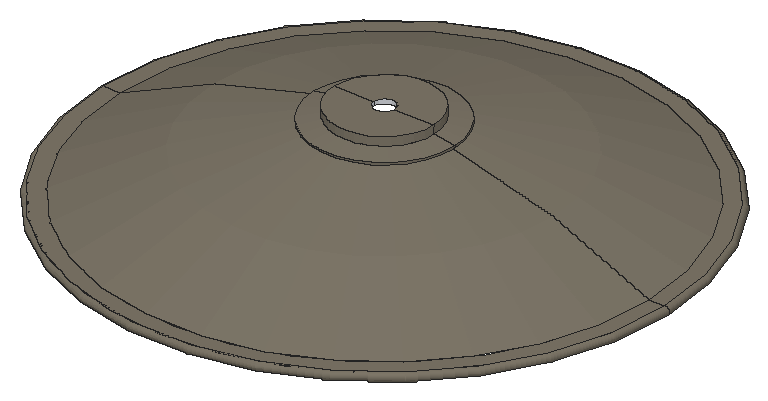
Revit family "JI14 SHADE", category Lighting Fixtures, Revit 2024
Family settings
  Round Connector Dimension = Use Diameter
  Part Type = Normal
  OmniClass Number = 23.80.70.00
  OmniClass Title = Lighting
  Work Plane-Based = No
  Always vertical = Yes
  Cut with Voids When Loaded = No
  Light Source = Yes
  Maintain Annotation Orientation = No
  Shared = No
  Room Calculation Point = No
Parameters
  Wattage = 12.1178 W
  built-in parameter 1150110 = 1 (stored number, unit not read)
  built-in parameter 1114217 = 1 (stored number, unit not read)
  built-in parameter 1150109 = 1 (stored number, unit not read)
  built-in parameter 1150134 = (empty or 0)
  built-in parameter 1150113 = 1 (stored number, unit not read)
  Lumens = 1800 lm
  built-in parameter 1150115 = 1 (stored number, unit not read)
  built-in parameter 1150105 = 572.96 (stored number, unit not read)
  Light Source Symbol Size = 2' - 0"
  built-in parameter 1150137 = (empty or 0)
  built-in parameter 1150139 = (empty or 0)
  built-in parameter 1150112 = 1 (stored number, unit not read)
  built-in parameter 1150114 = 1 (stored number, unit not read)
  built-in parameter 1150132 = 2
  built-in parameter 1150102 = (empty or 0)
  built-in parameter 1150138 = (empty or 0)
  built-in parameter 1150107 = 3000 (stored number, unit not read)
  built-in parameter 1150106 = 5.7296 (stored number, unit not read)
  built-in parameter 1150104 = 13.8 (stored number, unit not read)
  Dimming Lamp Color Temperature Shift = (empty or 0)
  Default Elevation = 0' - 0"
  Color Filter = 16777215
  built-in parameter 1114218 = 1 (stored number, unit not read)
  built-in parameter 1150133 = 10 (stored number, unit not read)
Reference planes (in)
  plane 1 "Light Source Axis (F/B)": y = 0
  plane 2: z = 0
  plane 3 "Light Source Axis (L/R)": x = 0
  plane 4 "Light Source Elevation": z = 84
Forms (in)
  Revolve 1, solid
    sketch origin (0, 0, 0) x (1, 0, 0) y (0, 0, 1)
      loop
        line (-0.25, 86.2) -> (-1.225, 86.2) -> (-1.225, 86) -> (-1.72659, 85.91156) -> (-1.71687, 85.85647)
        arc (-1.71687, 85.85647) -> (-4.17439, 85.21471) -> (-6.50282, 84.2) r 16.34632
        line (-6.50282, 84.2) -> (-6.9, 84.2)
        arc (-6.9, 84.2) -> (-7, 84.1) -> (-6.9, 84) r 0.1
        line (-6.9, 84) -> (-6.67924, 84) -> (-6.4588, 84.11723)
        arc (-6.4588, 84.11723) -> (-4.14372, 85.12612) -> (-1.7003, 85.76419) r 16.25257
        line (-1.7003, 85.76419) -> (-1.71002, 85.81928) -> (-1.13125, 85.92133) -> (-1.13125, 86.10625) -> (-0.25, 86.10625) -> (-0.25, 86.2)
      axis (0, 86.2) -> (0, 84)
    angle from 0 to 360
Dimensions and locks (in)
  plane 4 "Light Source Elevation" to plane 2 = 7' - 0"
  aligned and locked: plane 3 "Light Source Axis (L/R)" to imposter light
  aligned and locked: plane 1 "Light Source Axis (F/B)" to imposter light
  aligned and locked: plane 4 "Light Source Elevation" to imposter light
  aligned and locked: level to plane 2
